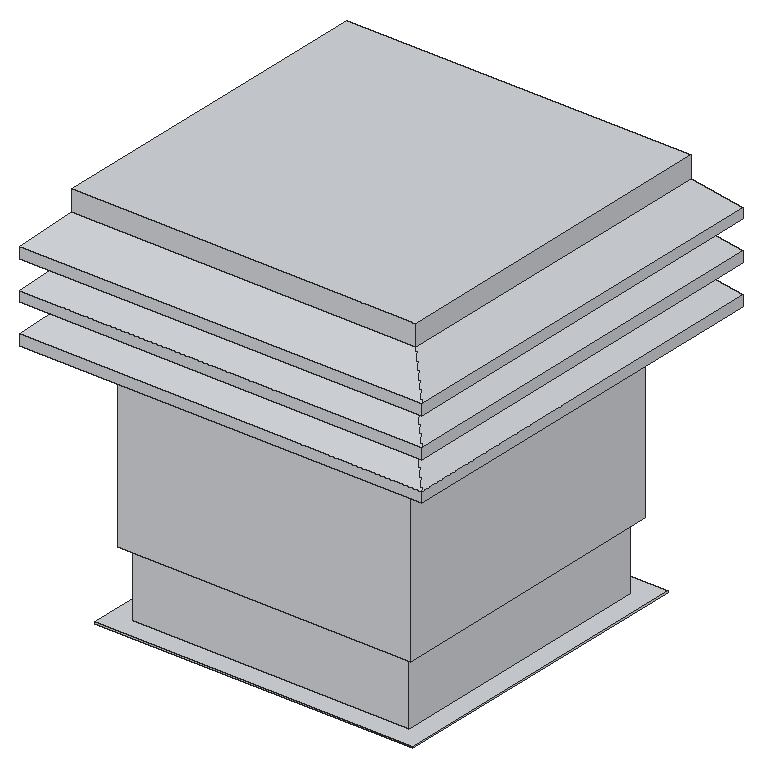
Revit family "ASP-T_BOTTOM", category Mechanical Equipment, Revit 2019
Family settings
  Round Connector Dimension = Use Diameter
  Part Type = Normal
  Work Plane-Based = No
  Always vertical = Yes
  Cut with Voids When Loaded = No
  Shared = No
  Room Calculation Point = No
Parameters (values of type "100_ASP-T_BOTTOM")
  W/2 = W / 2  # 0' - 6 7/16"
  W = 1' - 0 7/8"
  Unit Weight [instance] = ""
  T_SQ/2 = T_SQ / 2  # 1' - 2 1/16"
  T_SQ = 2' - 4 1/8"
  Sones [instance] = ""
  R_O/2 = R_O / 2  # 0' - 11 3/4"
  R_O = 1' - 11 1/2"
  Motor RPM [instance] = ""
  Motor Enclosure [instance] = ""
  ModelID [instance] = ""
  LwA [instance] = ""
  H/2 = H / 2  # 0' - 5 5/8"
  H = 0' - 11 1/4"
  Fan RPM [instance] = ""
  F = 0' - 3"
  E = 0' - 8 7/16"
  D = 0' - 7 5/8"
  CURB_HEIGHT [instance] = 0' - 9 1/2"
  CURB [instance] = yes
  C/2 = C / 2  # 0' - 6 5/8"
  C = 1' - 1 1/4"
  Brake Hp [instance] = ""
  B/2 = B / 2  # 1' - 3 1/2"
  B-C = B - C  # 1' - 5 3/4"
  B = 2' - 7"
  Accessories [instance] = ""
  A/2 = A / 2  # 1' - 7 1/4"
  A = 3' - 2 1/2"
  4" = 0' - 4"  # constant formula
  2' = 2' - 0"
  2" = 0' - 2"  # constant formula
  1" = 0' - 1"  # constant formula
  0 = 0' - 0"  # constant formula
  Voltage [instance] = 0 V
  URL = "www.lorencook.com"
  Type Comments = "Air Supply Package Forward Curve Belt Drive Bottom Discharge Tiered Roof Mounted"  # constant formula
  Static Pressure [instance] = 0.00 in-wg
  Power [instance] = Voltage * Motor FLA * sqrt(if(Phase = 3, 3, 1))  # 0 VA
  Phase [instance] = 0
  Number of Poles [instance] = 1
  Motor Hp [instance] = "0"
  Motor FLA [instance] = 0 A
  Model = "ASP-T BOTTOM"  # constant formula
  Manufacturer = "Loren Cook Company"
  CFM [instance] = 0 CFM
  1.5 = 0' - 1 1/2"  # constant formula
  125" = 0' - 4 75/256"
  ONE EIGTH = 0' - 0 1/8"  # constant formula
  -(C/2) = -(C / 2)  # -0' - 6 5/8"
  -(A/2) = -(A / 2)  # -1' - 7 1/4"
  (C-5")/3 = (C - 0' 5") / 3  # 0' - 2 3/4"
Types (7): name | W/2 | W | T_SQ/2 | T_SQ | R_O/2 | R_O | H/2 | H | E | D | C/2 | C | B/2 | B-C | B | A/2 | A | -(C/2) | -(A/2) | (C-5")/3
  (no name) | 0' - 6 7/16" | 1' - 0 7/8" | 1' - 2 1/16" | 2' - 4 1/8" | 0' - 11 3/4" | 1' - 11 1/2" | 0' - 5 5/8" | 0' - 11 1/4" | 0' - 8 7/16" | 0' - 7 5/8" | 0' - 6 5/8" | 1' - 1 1/4" | 1' - 3 1/2" | 1' - 5 3/4" | 2' - 7" | 1' - 7 1/4" | 3' - 2 1/2" | -0' - 6 5/8" | -1' - 7 1/4" | 0' - 2 3/4"
  90_ASP-T_BOTTOM | 0' - 5 25/32" | 0' - 11 9/16" | 1' - 0 1/16" | 2' - 0 1/8" | 0' - 9 3/4" | 1' - 7 1/2" | 0' - 5 1/16" | 0' - 10 1/8" | 0' - 7" | 0' - 6 7/32" | 0' - 6 5/8" | 1' - 1 1/4" | 1' - 2 5/8" | 1' - 4" | 2' - 5 1/4" | 1' - 4 9/16" | 2' - 9 1/8" | -0' - 6 5/8" | -1' - 4 9/16" | 0' - 2 3/4"
  100_ASP-T_BOTTOM | 0' - 6 7/16" | 1' - 0 7/8" | 1' - 2 1/16" | 2' - 4 1/8" | 0' - 11 3/4" | 1' - 11 1/2" | 0' - 5 5/8" | 0' - 11 1/4" | 0' - 8 7/16" | 0' - 7 5/8" | 0' - 6 5/8" | 1' - 1 1/4" | 1' - 3 1/2" | 1' - 5 3/4" | 2' - 7" | 1' - 7 1/4" | 3' - 2 1/2" | -0' - 6 5/8" | -1' - 7 1/4" | 0' - 2 3/4"
  120_ASP-T_BOTTOM | 0' - 7 11/16" | 1' - 3 3/8" | 1' - 4 1/16" | 2' - 8 1/8" | 1' - 1 3/4" | 2' - 3 1/2" | 0' - 6 21/32" | 1' - 1 5/16" | 0' - 8 3/4" | 0' - 8 3/8" | 0' - 8 3/8" | 1' - 4 3/4" | 1' - 4 3/4" | 1' - 4 3/4" | 2' - 9 1/2" | 1' - 9 1/4" | 3' - 6 1/2" | -0' - 8 3/8" | -1' - 9 1/4" | 0' - 3.91667"
  150_ASP-T_BOTTOM | 0' - 9 3/16" | 1' - 6 3/8" | 1' - 4 1/16" | 2' - 8 1/8" | 1' - 1 3/4" | 2' - 3 1/2" | 0' - 7 7/8" | 1' - 3 3/4" | 0' - 6 5/16" | 0' - 6 7/8" | 0' - 8 3/8" | 1' - 4 3/4" | 1' - 6 1/4" | 1' - 7 3/4" | 3' - 0 1/2" | 1' - 10 7/8" | 3' - 9 3/4" | -0' - 8 3/8" | -1' - 10 7/8" | 0' - 3.91667"
  180_ASP-T_BOTTOM | 0' - 10 13/16" | 1' - 9 5/8" | 1' - 6 1/16" | 3' - 0 1/8" | 1' - 3 3/4" | 2' - 7 1/2" | 0' - 9 3/8" | 1' - 6 3/4" | 0' - 5 5/16" | 0' - 7 1/4" | 1' - 1 5/8" | 2' - 3 1/4" | 1' - 10 3/8" | 1' - 5 1/2" | 3' - 8 3/4" | 2' - 3 7/8" | 4' - 7 3/4" | -1' - 1 5/8" | -2' - 3 7/8" | 0' - 7.41667"
  200_ASP-T_BOTTOM | 1' - 0 3/8" | 2' - 0 3/4" | 2' - 0 1/16" | 4' - 0 1/8" | 1' - 9 3/4" | 3' - 7 1/2" | 1' - 0 7/16" | 2' - 0 7/8" | 0' - 10 5/8" | 0' - 11 11/16" | 1' - 3 3/8" | 2' - 6 3/4" | 2' - 0 1/2" | 1' - 6 1/4" | 4' - 1" | 2' - 10" | 5' - 8" | -1' - 3 3/8" | -2' - 10" | 0' - 8.58333"
Reference planes (in)
  plane 1 "Center (Front/Back)": y = 0
  plane 2: z = 0
  plane 3 "Center (Left/Right)": x = 0.40541
Forms (in)
  Extrusion 1, solid
    sketch origin (0, 0, 0) x (1, 0, 0) y (0, 1, 0)
      loop
        line (-13.65709, 14.0625) -> (-13.65709, -14.0625) -> (14.46791, -14.0625) -> (14.46791, 14.0625) -> (-13.65709, 14.0625)
    from 0 to 17.75 <- "B-C"
  Extrusion 2, void
    sketch origin (0, 0, 0) x (1, 0, 0) y (0, 1, 0)
      loop
        line (-13.53209, 13.9375) -> (-13.53209, -13.9375) -> (14.34291, -13.9375) -> (14.34291, 13.9375) -> (-13.53209, 13.9375)
    from 0 to 3
  Extrusion 3, solid
    sketch origin (0, 0, 17.75) x (1, 0, 0) y (0, 1, 0)
      loop
        line (-18.84459, 19.25) -> (-18.84459, -19.25) -> (19.65541, -19.25) -> (19.65541, 19.25) -> (-18.84459, 19.25)
    from 0 to 13.25 <- "C"
  Extrusion 4, void
    sketch origin (0, 0, 0) x (1, 0, 0) y (0, 1, 0)
      loop
        line (-5.34459, 6.5625) -> (-5.34459, -6.3125) -> (5.90541, -6.3125) -> (5.90541, 6.5625) -> (-5.34459, 6.5625)
    from 0 to 6
  Extrusion 5, void
    sketch origin (0, 0, 31) x (0, 1, 0) y (1, 0, 0)
      loop
        line (19.25, -18.84459) -> (19.25, 19.65541) -> (-19.25, 19.65541) -> (-19.25, -18.84459) -> (19.25, -18.84459)
      loop
        line (-16.5, 16.90541) -> (-16.5, -16.09459) -> (16.5, -16.09459) -> (16.5, 16.90541) -> (-16.5, 16.90541)
    from 0 to 2
  Extrusion 6, void
    sketch origin (0, 0, 0) x (1, 0, 0) y (0, 0, 1)
      loop
        line (-18.84459, 29) -> (-18.84459, 26.25) -> (-16.09459, 29) -> (-18.84459, 29)
      loop
        line (-18.84459, 25.25) -> (-18.84459, 22.5) -> (-16.09459, 25.25) -> (-18.84459, 25.25)
      loop
        line (-18.84459, 21.5) -> (-18.84459, 18.75) -> (-16.09459, 21.5) -> (-18.84459, 21.5)
      loop
        line (19.65541, 29) -> (16.90541, 29) -> (19.65541, 26.25) -> (19.65541, 29)
      loop
        line (19.65541, 25.25) -> (16.90541, 25.25) -> (19.65541, 22.5) -> (19.65541, 25.25)
      loop
        line (19.65541, 21.5) -> (16.90541, 21.5) -> (19.65541, 18.75) -> (19.65541, 21.5)
    from 19.25 <- "A/2" to -19.25 <- "-(A/2)"
  Extrusion 7, void
    sketch origin (0.40541, -0.40541, 0) x (0, 1, 0) y (0, 0, 1)
      loop
        line (-18.84459, 29) -> (-18.84459, 26.25) -> (-16.09459, 29) -> (-18.84459, 29)
      loop
        line (-18.84459, 25.25) -> (-18.84459, 22.5) -> (-16.09459, 25.25) -> (-18.84459, 25.25)
      loop
        line (-18.84459, 21.5) -> (-18.84459, 18.75) -> (-16.09459, 21.5) -> (-18.84459, 21.5)
      loop
        line (19.65541, 29) -> (16.90541, 29) -> (19.65541, 26.25) -> (19.65541, 29)
      loop
        line (19.65541, 25.25) -> (16.90541, 25.25) -> (19.65541, 22.5) -> (19.65541, 25.25)
      loop
        line (19.65541, 21.5) -> (16.90541, 21.5) -> (19.65541, 18.75) -> (19.65541, 21.5)
    from 19.25 <- "A/2" to -19.25 <- "-(A/2)"
  Extrusion 8, solid, visible <- "CURB"
    sketch origin (0, 0, 3) x (0, 1, 0) y (1, 0, 0)
      loop
        line (-11.75, -11.34459) -> (11.75, -11.34459) -> (11.75, 12.15541) -> (-11.75, 12.15541) -> (-11.75, -11.34459)
      loop
        line (13.25, 13.65541) -> (-13.25, 13.65541) -> (-13.25, -12.84459) -> (13.25, -12.84459) -> (13.25, 13.65541)
    from 0 to 9.5 <- "CURB_HEIGHT"
  Extrusion 9, solid, visible <- "CURB"
    sketch origin (0, 0, -6.5) x (-1, 0, 0) y (0, 1, 0)
      loop
        line (12.84459, -13.25) -> (12.84459, 13.25) -> (-13.65541, 13.25) -> (-13.65541, -13.25) -> (12.84459, -13.25)
      loop
        line (-15.65541, 15.25) -> (-15.65541, -15.25) -> (14.84459, -15.25) -> (14.84459, 15.25) -> (-15.65541, 15.25)
    from 0 to -0.125
Cuts and joins
  Extrusion 2, Extrusion 4 cuts Extrusion 1
  Extrusion 5, Extrusion 6, Extrusion 7 cuts Extrusion 3
Dimensions and locks (in)
  "T_SQ/2": Extrusion 1 sketch curve to plane 3 "Center (Left/Right)"
  "T_SQ": Extrusion 1 sketch curve to Extrusion 1 sketch curve  (x2)
  "T_SQ/2": plane 1 "Center (Front/Back)" to Extrusion 1 sketch curve
  "ONE EIGTH": Extrusion 1 to Extrusion 2 sketch curve  (x2)
  "ONE EIGTH": Extrusion 2 sketch curve to Extrusion 1  (x2)
  "A": Extrusion 3 sketch curve to Extrusion 3 sketch curve  (x2)
  "A/2": plane 3 "Center (Left/Right)" to Extrusion 3 sketch curve
  "A/2": plane 1 "Center (Front/Back)" to Extrusion 3 sketch curve
  "W": Extrusion 4 sketch curve to Extrusion 4 sketch curve
  "H": Extrusion 4 sketch curve to Extrusion 4 sketch curve
  "E": Extrusion 4 sketch curve to cut or joined group of Extrusion 1, Extrusion 2, Extrusion 4
  "D": Extrusion 4 sketch curve to cut or joined group of Extrusion 1, Extrusion 2, Extrusion 4
  "(C-5")/3": Extrusion 5 sketch curve to Extrusion 3  (x2)
  "(C-5")/3": Extrusion 3 to Extrusion 5 sketch curve  (x2)
  "0": Extrusion 5 sketch curve to Extrusion 3  (x3)
  "0": Extrusion 3 to Extrusion 5 sketch curve
  "0": Extrusion 6 sketch curve to cut or joined group of Extrusion 3, Extrusion 5, Extrusion 6, Extrusion 7  (x9)
  "0": cut or joined group of Extrusion 3, Extrusion 5, Extrusion 6, Extrusion 7 to Extrusion 6 sketch curve  (x3)
  "1"": Extrusion 6 sketch curve to cut or joined group of Extrusion 3, Extrusion 5, Extrusion 6, Extrusion 7  (x2)
  "1"": Extrusion 6 sketch curve to Extrusion 6 sketch curve  (x4)
  "(C-5")/3": Extrusion 6 sketch curve to Extrusion 6 sketch curve  (x6)
  "1"": Extrusion 7 sketch curve to Extrusion 7 sketch curve  (x4)
  "(C-5")/3": Extrusion 7 sketch curve to Extrusion 7 sketch curve  (x6)
  "0": Extrusion 7 sketch curve to cut or joined group of Extrusion 3, Extrusion 5, Extrusion 6, Extrusion 7  (x7)
  "1"": cut or joined group of Extrusion 3, Extrusion 5, Extrusion 6, Extrusion 7 to Extrusion 7 sketch curve  (x2)
  "0": cut or joined group of Extrusion 3, Extrusion 5, Extrusion 6, Extrusion 7 to Extrusion 7 sketch curve  (x5)
  "1.5": Extrusion 8 sketch curve to Extrusion 8 sketch curve  (x4)
  "R_O/2": Extrusion 8 sketch curve to plane 3 "Center (Left/Right)"
  "R_O/2": plane 3 "Center (Left/Right)" to Extrusion 8 sketch curve
  "R_O/2": Extrusion 8 sketch curve to plane 1 "Center (Front/Back)"
  "R_O/2": plane 1 "Center (Front/Back)" to Extrusion 8 sketch curve
  "2"": Extrusion 9 sketch curve to Extrusion 9 sketch curve  (x4)
  "0": Extrusion 9 sketch curve to Extrusion 8  (x3)
  "0": Extrusion 8 to Extrusion 9 sketch curve
Automatic sketch dimensions
  Extrusion 6 sketch curve to Extrusion 6 sketch curve = 0' - 0"  (x2)
Connectors (in)
  electrical at (0.40541, 0, 3)
    settings: on cut or joined group of Extrusion 1, Extrusion 2, Extrusion 4, index 1, voltage 0 V, apparent load 0 VA, apparent load phase1 0 VA, apparent load phase2 0 VA, apparent load phase3 0 VA, power factor 1, load classification "Other", number of poles 1, system type 30, power factor state 1, is connector primary yes, connector utility no, sub classification motor no, connector description ""
  hvac at (0.40541, 0, 3), driven by "R_O", driven by "R_O", driven by "CFM"
    settings: on cut or joined group of Extrusion 1, Extrusion 2, Extrusion 4, index 2, duct flow 0 CFM, flow factor 0, pres drop 0.00 in-wg, loss coef 0, conn angle 0.00°, conn width 23 1/2", conn height 23 1/2", conn diameter 24", duct sys type 1, conn prof type 1, flow config 0, flow direction 2, loss method 0, conn ref index -1, conn util no, is conn primary yes, conn desc ""
